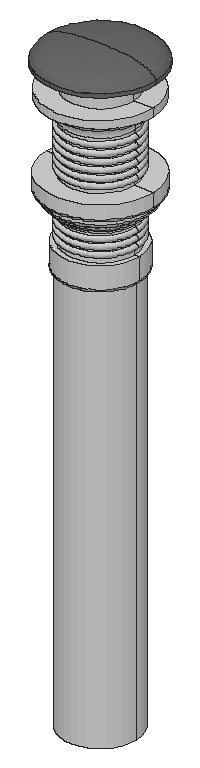
Revit family "935980001-DESAGUE PUSH METAL SR NEGRO", category Plumbing Fixtures, host Face, Revit 2021
Family settings
  Host = Face
  Round Connector Dimension = Use Diameter
  Part Type = Normal
  Cut with Voids When Loaded = No
  Shared = No
  Room Calculation Point = No
Parameters
  Default Elevation = 1219.2 mm
Reference planes
  plane 1 "Center (Front/Back)": y = 0
  plane 2: z = 0
  plane 3 "Center (Left/Right)": x = 0
Forms (mm)
  Revolve 1, solid, material "Cromo-Corona", detail levels medium+fine
    sketch origin (0, 0, 0) x (1, 0, 0) y (0, 0, 1)
      loop
        spline (0, 9.91) -> (-4.634, 9.859) -> (-8.905, 9.698) -> (-12.812, 9.426) -> (-16.355, 9.045) -> (-19.535, 8.553) -> (-22.352, 7.951) -> (-24.805, 7.239) -> (-26.894, 6.417) -> (-28.62, 5.485) -> (-29.983, 4.442) -> (-30.982, 3.29) -> (-31.617, 2.027)
        line (-31.617, 2.027) -> (-31.617, 0) -> (-16.035, 0) -> (-16.035, -2.717) -> (-18.91, -2.717) -> (-18.91, -12.603) -> (-30.043, -12.603) -> (-30.043, -16.974) -> (-22.334, -22.173)
        arc (-22.334, -22.173) -> (-20.348, -24.378) -> (-19.63, -27.258) r 6.134
        line (-19.63, -27.258) -> (-19.63, -28.885)
        arc (-19.63, -28.885) -> (-21.13, -30.385) -> (-19.63, -31.885) r 1.5
        line (-19.63, -31.885) -> (-19.63, -33.359)
        arc (-19.63, -33.359) -> (-21.13, -34.859) -> (-19.63, -36.359) r 1.5
        line (-19.63, -36.359) -> (-19.63, -37.548)
        arc (-19.63, -37.548) -> (-21.13, -39.048) -> (-19.63, -40.548) r 1.5
        line (-19.63, -40.548) -> (-19.63, -41.801)
        arc (-19.63, -41.801) -> (-21.13, -43.301) -> (-19.63, -44.801) r 1.5
        line (-19.63, -44.801) -> (-19.63, -46.044)
        arc (-19.63, -46.044) -> (-21.13, -47.544) -> (-19.63, -49.044) r 1.5
        line (-19.63, -49.044) -> (-19.63, -50.015)
        arc (-19.63, -50.015) -> (-21.13, -51.515) -> (-19.63, -53.015) r 1.5
        line (-19.63, -53.015) -> (-19.63, -55.214) -> (-30.31, -55.214) -> (-30.31, -62.796)
        arc (-30.31, -62.796) -> (-29.978, -63.598) -> (-29.176, -63.93) r 1.134
        line (-29.176, -63.93) -> (-28.327, -63.93)
        arc (-28.327, -63.93) -> (-27.661, -64.205) -> (-27.386, -64.871) r 0.941
        line (-27.386, -64.871) -> (-27.386, -67.083)
        arc (-27.386, -67.083) -> (-26.995, -68.027) -> (-26.051, -68.418) r 1.335
        line (-26.051, -68.418) -> (-25.075, -68.418)
        arc (-25.075, -68.418) -> (-24.443, -68.68) -> (-24.182, -69.311) r 0.893
        line (-24.182, -69.311) -> (-24.182, -70.168)
        arc (-24.182, -70.168) -> (-23.983, -71.035) -> (-23.425, -71.729) r 1.989
        line (-23.425, -71.729) -> (-20.244, -74.241)
        arc (-20.244, -74.241) -> (-19.792, -74.804) -> (-19.63, -75.508) r 1.614
        line (-19.63, -75.508) -> (-19.63, -76.678)
        arc (-19.63, -76.678) -> (-21.13, -78.178) -> (-19.63, -79.678) r 1.5
        line (-19.63, -79.678) -> (-19.63, -80.671)
        arc (-19.63, -80.671) -> (-21.13, -82.171) -> (-19.63, -83.671) r 1.5
        line (-19.63, -83.671) -> (-19.63, -84.741)
        arc (-19.63, -84.741) -> (-21.13, -86.241) -> (-19.63, -87.741) r 1.5
        line (-19.63, -87.741) -> (-19.63, -90.416) -> (-22.611, -90.416) -> (-22.611, -102.725)
        arc (-22.611, -102.725) -> (-22.318, -103.432) -> (-21.611, -103.725) r 1
        line (-21.611, -103.725) -> (-20.5, -103.725) -> (-20.5, -336.59) -> (0, -336.59) -> (0, 9.91)
      axis (0, 9.91) -> (0, -336.59)
    angle from 0 to 360
  Extrusion 2, solid, material "Default", detail levels coarse
    sketch origin (0, 0, 0) x (1, 0, 0) y (0, 1, 0)
      loop
        circle (0, 0) r 31.617
    from 9.906 to -336.59
Dimensions and locks
  aligned and locked: plane 2 to host face
  aligned and locked: level to host face
Connectors
  piping at (0, 0, -336.59), diameter 38.1
    settings: on Revolve 1, index 1, connector inside diameter 609.6 mm, connector length 0 mm, flow factor 0, pipe flow 0.0 L/s, pressure drop 0.0 Pa, fitting loss kfactor 0, connector angle 0.00°, fixture units 0, engagement length 0 mm, angle of deflection 0.00°, flow configuration 0, flow direction 1, fitting loss method 0, system type 16, joint type 0, gender type 0, connector reference index -1, connector utility 0, adjustable connector no, is connector primary yes, connector description ""
